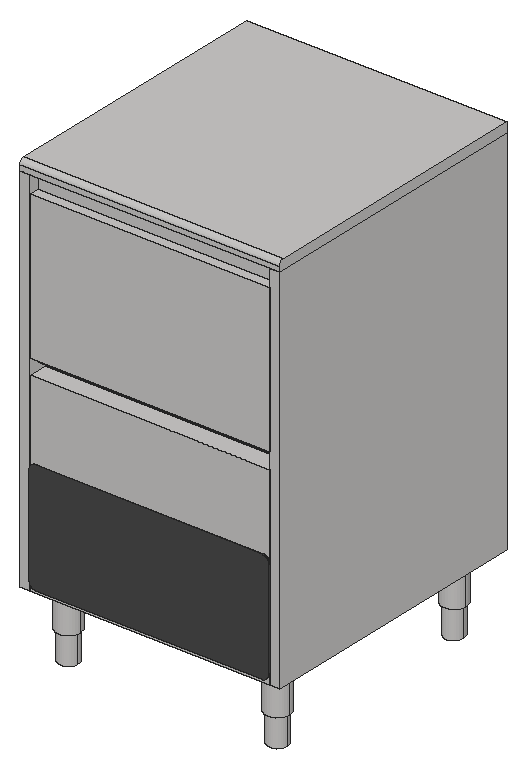
Revit family "QF_ZANUSSI_730304_ICB55I25SNP", category Attrezzature speciali, Revit 2018
Family settings
  Quota connettore circolare = Usa diametro
  Tipo di parte = Normale
  Basato su piano di lavoro = No
  Sempre verticale = Sì
  Taglio con vuoti quando caricato = No
  Condiviso = No
  Punto di calcolo locali = No
Parameters (values of type "Standard")
  Weight = 56.00 kg
  Watts = 0 W
  Volts = 220 V
  URL Manufacturer = "http://www.zanussiprofessional.com"
  URL = "http://www.zanussiprofessional.com"
  Steam Supply Size = 0 mm
  Steam Supply Minimum Pressure = 0.0 Pa
  Steam Supply Maximum Pressure = 0.0 Pa
  Steam Pounds per Hour = 0
  Show Logo [instance] = yes
  Show Clearance [instance] = yes
  Refrigeration Suction Line Size = 0 mm
  Refrigeration Liquid Line Size = 0 mm
  Refrigerant Compressor Remote = yes
  Produttore = "Zanussi"
  Phase = 1
  Modello = "ICB55I25SNP"
  Length Actual = 535 mm  # constant formula
  Item Number = "730304"
  Hot Water Size = 0 mm
  Height Actual = 894 mm  # constant formula
  HP = "0 HP"
  Gas Size = 0 mm
  Gas KW = 0
  Gas Input Pressure = 0 W
  Descrizione = "AIR COOLED ICE CUBER 22GR 55KG/24H-BIN 25KG"
  Depth Actual = 595 mm  # constant formula
  Cycle = 50 Hz
  Condensate Return Size = 0 mm
  Compressed Air Volume = 0.0 L/s
  Compressed Air Size = 0 mm
  Compressed Air Pressure = 0.0 Pa
  Cold Water Size = 19.05 mm
  Accessory = yes
Reference planes
  plane 1 "Center X": y = 272.851
  plane 2: z = 0
  plane 3 "Center Y": x = -501.5
  plane 4 "LEFT": x = -769
  plane 5 "RIGHT": x = -234
  plane 6 "FRONT": y = -19.649
  plane 7 "BACK": y = 565.351
  plane 8: z = 143
  plane 9: z = 932
  plane 10: z = 912
  plane 11: x = -749
  plane 12: x = -254
  plane 13: y = 20.351
Forms (mm)
  Extrusion 1, solid, material "QF_Finishes_Black"
    sketch origin (-217.296, -19.649, 371.513) x (-1, 0, 0) y (0, 0, -1)
      loop
        arc (516.704, -9.487) -> (527.311, -5.093) -> (531.704, 5.513) r 15
        line (531.704, 5.513) -> (531.704, 206.469)
        arc (531.704, 206.469) -> (527.311, 217.075) -> (516.704, 221.469) r 15
        line (516.704, 221.469) -> (51.704, 221.469)
        arc (51.704, 221.469) -> (41.097, 217.075) -> (36.704, 206.469) r 15
        line (36.704, 206.469) -> (36.704, 5.513)
        arc (36.704, 5.513) -> (41.097, -5.093) -> (51.704, -9.487) r 15
        line (51.704, -9.487) -> (516.704, -9.487)
    from 0 to 2
  Extrusion 2, solid, material "QF_Finishes_Stainless Steel"
    sketch origin (-501.5, 0, 0) x (0, 1, 0) y (0, 0, 1)
      loop
        line (565.351, 912) -> (565.351, 932) -> (-9.649, 932)
        arc (-9.649, 932) -> (-16.72, 929.071) -> (-19.649, 922) r 10
        line (-19.649, 922) -> (-19.649, 912) -> (565.351, 912)
    from -267.5 to 267.5
  Extrusion 3, solid, material "QF_Finishes_Stainless Steel"
    sketch origin (-354.7, 565.351, -329.545) x (1, 0, 0) y (0, 0, -1)
      loop
        circle (53.2, -643.545) r 10
    from 0 to 10
  Extrusion 4, solid, material "QF_Finishes_Stainless Steel"
    sketch origin (0, 0, 0) x (1, 0, 0) y (0, 1, 0)
      loop
        line (-769, 565.351) -> (-769, -19.649) -> (-749, -19.649) -> (-749, 565.351) -> (-769, 565.351)
    from 143 to 912
  Extrusion 5, solid, material "QF_Finishes_Stainless Steel"
    sketch origin (0, 0, 0) x (1, 0, 0) y (0, 1, 0)
      loop
        line (-254, 565.351) -> (-254, -19.649) -> (-234, -19.649) -> (-234, 565.351) -> (-254, 565.351)
    from 143 to 912
  Extrusion 6, solid, material "QF_Finishes_Stainless Steel"
    sketch origin (0, 0, 0) x (1, 0, 0) y (0, 1, 0)
      loop
        line (-749, 565.351) -> (-749, 20.351) -> (-254, 20.351) -> (-254, 565.351) -> (-749, 565.351)
    from 143 to 912
  Extrusion 7, solid, material "QF_Finishes_Stainless Steel"
    sketch origin (0, 0, 0) x (1, 0, 0) y (0, 1, 0)
      loop
        line (-749, -19.649) -> (-254, -19.649) -> (-254, 20.351) -> (-749, 20.351) -> (-749, -19.649)
    from 143 to 541.146
  Extrusion 8, solid, material "QF_Finishes_Stainless Steel"
    sketch origin (-501.5, 0, 0) x (0, 1, 0) y (0, 0, 1)
      loop
        line (20.351, 912) -> (0.351, 912) -> (0.351, 876) -> (-19.649, 876) -> (-19.649, 572.768) -> (0.351, 572.768) -> (0.351, 557) -> (20.351, 557) -> (20.351, 912)
    from -247.5 to 247.5
  Extrusion 9, solid, material "QF_Finishes_Stainless Steel"
    sketch origin (-337.2, 565.351, -440.545) x (1, 0, 0) y (0, 0, -1)
      loop
        circle (53.2, -643.545) r 10
    from 0 to 10
  Extrusion 10, solid, material "QF_Finishes_Stainless Steel"
    sketch origin (-397.7, 565.351, -361.545) x (1, 0, 0) y (0, 0, -1)
      loop
        circle (53.2, -643.545) r 10
    from 0 to 10
Lines and regions (mm)
  Split face 1
    outline origin (-501.5, 0.351, 912) x (0, 0, -1) y (1, 0, 0)
      loop
        line (5.715, 124.928) -> (30.715, 124.928) -> (30.715, 164.928) -> (5.715, 164.928) -> (5.715, 124.928)
  symbolic lines
    curve 1: line (-769, 565.351, 0) -> (-234, 565.351, 0)
    curve 2: line (-769, -19.649, 0) -> (-769, 565.351, 0)
    curve 3: line (-234, -19.649, 0) -> (-769, -19.649, 0)
    curve 4: line (-234, 565.351, 0) -> (-234, -19.649, 0)
Dimensions and locks
  equal spacing: plane 4 "LEFT", plane 3 "Center Y", plane 5 "RIGHT"
  plane 4 "LEFT" to plane 5 "RIGHT" = 535 mm
  equal spacing: plane 7 "BACK", plane 1 "Center X", plane 6 "FRONT"
  plane 7 "BACK" to plane 6 "FRONT" = 585 mm
  plane 8 to plane 2 = 143 mm
  plane 9 to plane 8 = 789 mm
  locked: plane 4 "LEFT" to plane 11 at 20
  locked: plane 12 to plane 5 "RIGHT" at 20
  locked: plane 9 to plane 10 at 20
  locked: plane 13 to plane 6 "FRONT" at 40
  aligned and locked: level to plane 2
  aligned and locked: plane 5 "RIGHT" to Extrusion 2
  aligned and locked: Extrusion 2 to plane 4 "LEFT"
  aligned and locked: Extrusion 4 sketch curve to Extrusion 2  (x2)
  aligned and locked: plane 6 "FRONT" to Extrusion 4 sketch curve
  aligned and locked: Extrusion 4 sketch curve to plane 11
  aligned and locked: Extrusion 5 sketch curve to plane 7 "BACK"
  aligned and locked: plane 12 to Extrusion 5 sketch curve
  aligned and locked: Extrusion 5 sketch curve to Extrusion 2  (x2)
  aligned and locked: plane 10 to Extrusion 4
  aligned and locked: plane 10 to Extrusion 5
  aligned and locked: Extrusion 4 to plane 8
  aligned and locked: Extrusion 5 to plane 8
  aligned and locked: Extrusion 6 sketch curve to Extrusion 4
  aligned and locked: Extrusion 4 to Extrusion 6 sketch curve
  aligned and locked: plane 13 to Extrusion 6 sketch curve
  aligned and locked: Extrusion 6 sketch curve to plane 12
  aligned and locked: plane 10 to Extrusion 6
  aligned and locked: Extrusion 6 to plane 8
  aligned and locked: Extrusion 4 to Extrusion 7 sketch curve
  aligned and locked: Extrusion 7 sketch curve to Extrusion 4
  aligned and locked: plane 13 to Extrusion 7 sketch curve
  aligned and locked: plane 12 to Extrusion 7 sketch curve
  aligned and locked: Extrusion 7 to plane 8
  aligned and locked: plane 12 to Extrusion 8
  aligned and locked: Extrusion 8 to plane 11
Automatic sketch dimensions
  curve 3 to plane 4 "LEFT" = 0 mm
  curve 3 to plane 5 "RIGHT" = 0 mm
  curve 3 to plane 6 "FRONT" = 0 mm
  curve 2 to plane 7 "BACK" = 0 mm
  Extrusion 1 sketch curve to plane 12 = 0 mm
  plane 8 to Extrusion 1 sketch curve = 7.044 mm
  Extrusion 1 sketch curve to Extrusion 1 sketch curve = 15 mm  (x3)
  plane 11 to Extrusion 1 sketch curve = 15 mm  (x2)
  Extrusion 1 sketch curve to Extrusion 1 sketch curve = 200.956 mm
  Extrusion 2 sketch curve to plane 6 "FRONT" = 0 mm
  Extrusion 2 sketch curve to plane 9 = 0 mm
  Extrusion 2 sketch curve to plane 7 "BACK" = 0 mm
  Extrusion 2 sketch curve to plane 10 = 0 mm
  plane 6 "FRONT" to Extrusion 2 sketch curve = 10 mm
  Extrusion 6 to Extrusion 3 sketch curve = 171 mm
  Extrusion 3 sketch curve to Extrusion 6 = 47.5 mm
  Extrusion 8 sketch curve to plane 6 "FRONT" = 0 mm
  Extrusion 8 sketch curve to plane 10 = 0 mm
  Extrusion 8 sketch curve to plane 13 = 0 mm
  plane 6 "FRONT" to Extrusion 8 sketch curve = 20 mm  (x2)
  Extrusion 8 sketch curve to plane 10 = 36 mm
  Extrusion 8 sketch curve to Extrusion 8 sketch curve = 303.232 mm
  Extrusion 8 sketch curve to Extrusion 8 sketch curve = 15.768 mm
  Split face 1 sketch curve to Extrusion 8 = 5.715 mm
  Extrusion 8 to Split face 1 sketch curve = 5.285 mm
  Split face 1 sketch curve to Extrusion 8 = 122.572 mm
  Split face 1 sketch curve to Split face 1 sketch curve = 40 mm
  Extrusion 9 sketch curve to Extrusion 6 = 30 mm
  Extrusion 6 to Extrusion 9 sketch curve = 60 mm
  Extrusion 10 sketch curve to Extrusion 6 = 90.5 mm
  Extrusion 6 to Extrusion 10 sketch curve = 139 mm
  radius of Extrusion 3 sketch curve = 10 mm
  radius of Extrusion 9 sketch curve = 10 mm
  radius of Extrusion 10 sketch curve = 10 mm
Nested families
  nested 1: "Foot_Complete" at (-717, 40.351, 0), type "Foot_Complete"
    with H 143 mm
  nested 2: "Foot_Complete" at (-286, 40.351, 0) x (-1, 0, 0) z (0, 0, 1), type "Foot_Complete"
    with H 143 mm
  nested 3: "Foot_Complete" at (-717, 494.351, 0), type "Foot_Complete"
    with H 143 mm
  nested 4: "Foot_Complete" at (-286, 494.351, 0) x (-1, 0, 0) z (0, 0, 1), type "Foot_Complete"
    with H 143 mm
Connectors
  electrical at (-284, 575.351, 203), driven by "Volts"
    settings: on Extrusion 9, index 1, voltage 220 V, apparent load 0 VA, apparent load phase1 0 VA, apparent load phase2 0 VA, apparent load phase3 0 VA, power factor 1, load classification "Altro", number of poles 1, system type 30, power factor state 1, is connector primary yes, connector utility no, sub classification motor no, connector description "Electrical Connection"
  piping at (-301.5, 575.351, 314), diameter 20
    settings: on Extrusion 3, index 2, connector inside diameter 609.6 mm, connector length 0 mm, flow factor 0, pipe flow 0.0 L/s, pressure drop 0.0 Pa, fitting loss kfactor 0, connector angle 0.00°, fixture units 0, engagement length 0 mm, angle of deflection 0.00°, flow configuration 0, flow direction 0, fitting loss method 0, system type 20, joint type 0, gender type 0, connector reference index -1, connector utility 0, adjustable connector no, is connector primary yes, connector description "Cold water"
  piping at (-344.5, 575.351, 282), diameter 20
    settings: on Extrusion 10, index 3, connector inside diameter 609.6 mm, connector length 0 mm, flow factor 0, pipe flow 0.0 L/s, pressure drop 0.0 Pa, fitting loss kfactor 0, connector angle 0.00°, fixture units 0, engagement length 0 mm, angle of deflection 0.00°, flow configuration 0, flow direction 0, fitting loss method 0, system type 16, joint type 0, gender type 0, connector reference index -1, connector utility 0, adjustable connector no, is connector primary no, connector description "Drain"
Definition of nested family "Foot_Complete"
  Parameters (values of type "Foot_Complete")
    R = 25 mm
    H = 153 mm
  Reference planes
    plane 1 "Centro (Fronte/Retro)": y = 0
    plane 2: z = 0
    plane 3 "Centro (Sinistra/Destra)": x = 0
    plane 4: z = 153
  Forms (mm)
    Revolve 1, solid
      sketch origin (255.05, 0, 608.09) x (0, 0, 1) y (-1, 0, 0)
        loop
          line (-608.09, 255.05) -> (-608.09, 235.05) -> (-548.09, 235.05) -> (-548.09, 230.05) -> (-455.09, 230.05) -> (-455.09, 255.05) -> (-608.09, 255.05)
        axis (-608.09, 255.05) -> (-455.09, 255.05)
      angle from 0 to 360
  Dimensions and locks
    level to Revolve 1 sketch curve = 60 mm
    "R": Revolve 1 sketch curve to plane 3 "Centro (Sinistra/Destra)"
    "H": plane 4 to level
    aligned and locked: level to plane 2
    aligned and locked: plane 4 to Revolve 1 sketch curve
    aligned and locked: Revolve 1 sketch curve to level
    aligned and locked: plane 3 "Centro (Sinistra/Destra)" to Revolve 1 sketch curve
  Automatic sketch dimensions
    Revolve 1 sketch curve to plane 3 "Centro (Sinistra/Destra)" = 0 mm
    plane 3 "Centro (Sinistra/Destra)" to Revolve 1 sketch curve = 20 mm
    Revolve 1 sketch curve to Revolve 1 sketch curve = 50 mm
    Revolve 1 sketch curve to Revolve 1 sketch curve = 20 mm
